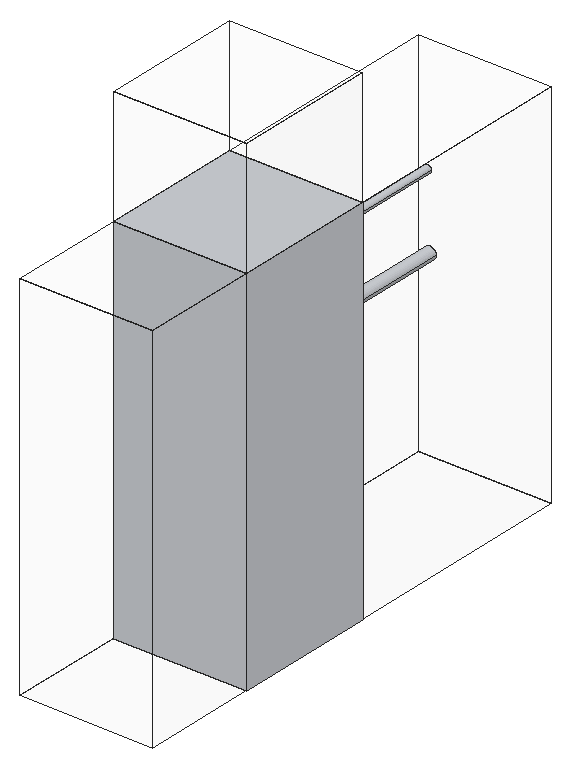
Revit family
Parameters (values of type "PFN2001PM")
  WATER CONN SIZE = 2 1/2"  # constant formula
  Voltage/Heater = "120"
  VENT SIZE = Vent Radius * 2  # 8"
  Total Amps = "6.5"
  Top Clearance Depth = 24"
  SES BIM Studio # = "201264901-23"
  GAS CONN SIZE = Gas Conn Radius * 2  # 1 1/2"
  Front Clearance Depth = 24"
  Drain Radius = 3/8"  # constant formula
  Control Voltage = "24"
  C_WIDTH = 27 1/4"
  Vent Radius = if(A_HEIGHT = 44 1/2", if(with Category II Conversion Kit, 3 1/2", 2"), if(A_HEIGHT = 52", if(with Category II Conversion Kit, 4 1/2", 2 1/2"), if(A_HEIGHT = 59 1/4", if(with Category II Conversion Kit, 5", 3"), if(A_HEIGHT = 67 3/4", if(with Category II Conversion Kit, 6", 4"), if(A_HEIGHT = 65 1/2", if(with Category II Conversion Kit, 4", 3"), if(A_HEIGHT = 70", if(with Category II Conversion Kit, 4 1/2", 3 1/2"), if(with Category II Conversion Kit, 5", 4")))))))  # 4"
  G_Vent Length = 8"
  M_Vent Height = 27 1/2"
  F_Vent Offset From Left = 13 1/2"
  URL = "http://www.lochinvar.com/products/Default.aspx?type=ProductLine&lineid=13"
  L_Water Outlet Offset From Left = 5 3/4"
  OUTPUT RATE (BTUH) = ""
  Model = "PFN2001PM"
  Manufacturer = "Lochinvar"
  MODEL NO. = "PFN2001PM"
  B_LENGTH = 29 3/4"
  Keynote = ""
  P_Pipe Length = 24 1/2"
  K_Water Inlet & Outlet Height = 54 3/4"
  N_Water Inlet Offset From Left = 21 1/2"
  INPUT RATE (BTUH) = "2,000,000"
  A_HEIGHT = 76 3/4"
  D_Gas Conn Height = 70"
  Gas Conn Radius = 3/4"
  E_Gas Conn Offset From Left = 21"
  FUEL TYPE = "NATURAL GAS"
  Description = "Power-Fin Water Heater"
  with Category II Conversion Kit = no
  Back Clearance Length = P_Pipe Length + 24"  # 48 1/2"
  Air Inlet Radius = 4"
  J_Air Inlet Offset from Left = 9 1/2"
  H_Air Inlet Offset From Top = 10"
  AIR INLET SIZE = Air Inlet Radius * 2  # 8"
  # of Connections = "1"
Types (8): name | Voltage/Heater | VENT SIZE | Total Amps | Top Clearance Depth | GAS CONN SIZE | Front Clearance Depth | Control Voltage | C_WIDTH | Vent Radius | G_Vent Length | M_Vent Height | F_Vent Offset From Left | L_Water Outlet Offset From Left | Model | MODEL NO. | B_LENGTH | P_Pipe Length | K_Water Inlet & Outlet Height | N_Water Inlet Offset From Left | INPUT RATE (BTUH) | A_HEIGHT | D_Gas Conn Height | Gas Conn Radius | E_Gas Conn Offset From Left | Back Clearance Length | Air Inlet Radius | J_Air Inlet Offset from Left | H_Air Inlet Offset From Top | AIR INLET SIZE | # of Connections
  (no name) | "120" | 8" | "6.5" | 24" | 1 1/2" | 24" | "24" | 27 1/4" | 4" | 8" | 27 1/2" | 13 1/2" | 5 3/4" | "PFN2001PM" | "PFN2001PM" | 29 3/4" | 24 1/2" | 54 3/4" | 21 1/2" | "2,000,000" | 76 3/4" | 70" | 3/4" | 21" | 48 1/2" | 4" | 9 1/2" | 10" | 8" | "1"
  PFN0502PM | "" | 4" | "" | 0" | 1" | 0" | "" | 23 1/4" | 2" | 6" | 11 1/4" | 6 1/2" | 11 1/2" | "PFN0502PM" | "PFN0502" | 28 1/2" | 15 1/4" | 23" | 17 1/2" | "500,000" | 44 1/2" | 34" | 1/2" | 17 3/4" | 39 1/4" | 2 1/2" | 7 3/4" | 8" | 5" | ""
  PFN0752PM | "120" | 5" | "6.7" | 0" | 1 1/4" | 0" | "24" | 23 1/4" | 2 1/2" | 6" | 11 1/4" | 6 3/4" | 11 1/2" | "PFN0752PM" | "PFN0752PM" | 28 1/2" | 15 1/4" | 30 1/2" | 17 1/2" | "750,000" | 52" | 41 1/2" | 5/8" | 17 3/4" | 39 1/4" | 2 1/2" | 7 3/4" | 8" | 5" | "1"
  PFN1002PM | "120" | 6" | "6.7" | 0" | 1 1/4" | 0" | "24" | 23 1/4" | 3" | 6" | 11 1/4" | 7 1/4" | 11 1/2" | "PFN1002PM" | "PFN1002PM" | 28 1/2" | 15 1/4" | 37 3/4" | 17 1/2" | "999,000" | 59 1/4" | 48 3/4" | 5/8" | 17 3/4" | 39 1/4" | 3" | 7 3/4" | 8" | 6" | "1"
  PFN1302PM | "120" | 8" | "6.7" | 0" | 1 1/4" | 0" | "24" | 23 1/4" | 4" | 6" | 19 1/2" | 8 1/4" | 11 1/2" | "PFN1302PM" | "PFN1302PM" | 28 1/2" | 15 1/4" | 46 1/4" | 17 1/2" | "1,300,000" | 67 3/4" | 57 1/4" | 5/8" | 17 3/4" | 39 1/4" | 3" | 7 3/4" | 8" | 6" | "1"
  PFN1501PM | "120" | 6" | "6.5" | 0" | 1 1/2" | 0" | "24" | 27 1/4" | 3" | 8" | 22 1/4" | 13 1/2" | 5 3/4" | "PFN1501PM" | "PFN1501PM" | 29 3/4" | 24 1/2" | 43 1/2" | 21 1/2" | "1,500,000" | 65 1/2" | 58 3/4" | 3/4" | 21" | 48 1/2" | 3" | 9 1/2" | 10" | 6" | "1"
  PFN1701PM | "120" | 7" | "6.5" | 0" | 1 1/2" | 0" | "24" | 27 1/4" | 3 1/2" | 8" | 25" | 13 1/2" | 5 3/4" | "PFN1701PM" | "PFN1701PM" | 29 3/4" | 24 1/2" | 48" | 21 1/2" | "1,700,000" | 70" | 63 1/4" | 3/4" | 21" | 48 1/2" | 3 1/2" | 9 1/2" | 10" | 7" | "1"
  PFN2001PM | "120" | 8" | "6.5" | 24" | 1 1/2" | 24" | "24" | 27 1/4" | 4" | 8" | 27 1/2" | 13 1/2" | 5 3/4" | "PFN2001PM" | "PFN2001PM" | 29 3/4" | 24 1/2" | 54 3/4" | 21 1/2" | "2,000,000" | 76 3/4" | 70" | 3/4" | 21" | 48 1/2" | 4" | 9 1/2" | 10" | 8" | "1"
Reference planes (in)
  plane 1 "Back": y = -11.25
  plane 2: z = 0
  plane 3 "Left": x = 0
  plane 4 "Right": x = 27.25
  plane 5 "Front": y = -41
  plane 6: y = 13.25
  plane 7 "Vent Length": y = -3.25
Forms (in)
  Extrusion 1, solid
    sketch origin (2, -32, 0) x (1, 0, 0) y (0, 1, 0)
      loop
        line (-2, -9) -> (25.25, -9) -> (25.25, 20.75) -> (-2, 20.75) -> (-2, -9)
    from 0 to 76.75 <- "A_HEIGHT"
  Extrusion 2, solid
    sketch origin (0, -11.25, 0) x (1, 0, 0) y (0, 0, 1)
      loop
        circle (13.5, 27.5) r 4
    from 0 to -8
  Extrusion 3, solid
    sketch origin (0, -11.25, 0) x (1, 0, 0) y (0, 0, 1)
      loop
        circle (5.75, 54.75) r 1.25
    from 0 to -24.5
  Extrusion 4, solid
    sketch origin (7, -11.25, 0) x (1, 0, 0) y (0, 0, 1)
      loop
        circle (14.5, 54.75) r 1.25
    from 0 to -24.5
  Extrusion 5, solid
    sketch origin (7, -11.25, 9) x (1, 0, 0) y (0, 0, 1)
      loop
        circle (14, 61) r 0.75
    from 0 to -24.5
  Extrusion 6, solid
    sketch origin (0, -11.25, 0) x (1, 0, 0) y (0, 0, 1)
      loop
        circle (9.5, 66.75) r 4
    from 0 to -3
  Extrusion 7, solid, material "Clearance"
    sketch origin (27.25, -41, 0) x (-1, 0, 0) y (0, 0, -1)
      loop
        line (27.25, -76.75) -> (27.25, 0) -> (0, 0) -> (0, -76.75) -> (27.25, -76.75)
    from 0 to 24
  Extrusion 8, solid, material "Clearance"
    sketch origin (2, -32, 76.75) x (1, 0, 0) y (0, 1, 0)
      loop
        line (-2, 20.75) -> (-2, -9) -> (25.25, -9) -> (25.25, 20.75) -> (-2, 20.75)
    from 0 to 24
  Extrusion 9, solid, material "Clearance"
    sketch origin (0, -11.25, 0) x (1, 0, 0) y (0, 0, -1)
      loop
        line (27.25, -76.75) -> (27.25, 0) -> (0, 0) -> (0, -76.75) -> (27.25, -76.75)
    from 0 to 48.5 <- "Back Clearance Length"
  Extrusion 10, solid
    sketch origin (5.875, -11.25, -26.375) x (1, 0, 0) y (0, 0, 1)
      loop
        circle (13.5, 27.5) r 0.375
    from 0 to -8
  Extrusion 11, solid
    sketch origin (3.875, -11.25, -26.375) x (1, 0, 0) y (0, 0, 1)
      loop
        circle (13.5, 27.5) r 0.375
    from 0 to -8
Dimensions and locks (in)
  "F_Vent Offset From Left": Extrusion 1 to Extrusion 2 sketch curve
  "M_Vent Height": Extrusion 1 to Extrusion 2 sketch curve
  "L_Water Outlet Offset From Left": Extrusion 1 to Extrusion 3 sketch curve
  "K_Water Inlet & Outlet Height": level to Extrusion 3 sketch curve
  "K_Water Inlet & Outlet Height": level to Extrusion 4 sketch curve
  "N_Water Inlet Offset From Left": Extrusion 1 to Extrusion 4 sketch curve
  "E_Gas Conn Offset From Left": Extrusion 1 to Extrusion 5 sketch curve
  "D_Gas Conn Height": level to Extrusion 5 sketch curve
  "J_Air Inlet Offset from Left": Extrusion 1 to Extrusion 6 sketch curve
  "H_Air Inlet Offset From Top": Extrusion 6 sketch curve to Extrusion 1
  "C_WIDTH": plane 3 "Left" to plane 4 "Right"
  "B_LENGTH": plane 5 "Front" to plane 1 "Back"
  "P_Pipe Length": plane 1 "Back" to plane 6
  "G_Vent Length": plane 1 "Back" to plane 7 "Vent Length"
  "Vent Radius": radius of Extrusion 2 sketch curve
  radius of Extrusion 3 sketch curve = 1 1/4"
  radius of Extrusion 4 sketch curve = 1 1/4"
  "Gas Conn Radius": radius of Extrusion 5 sketch curve
  "Air Inlet Radius": radius of Extrusion 6 sketch curve
  "Drain Radius": radius of Extrusion 10 sketch curve
  "Drain Radius": radius of Extrusion 11 sketch curve
  aligned and locked: Extrusion 1 to plane 3 "Left"
  aligned and locked: Extrusion 1 to plane 1 "Back"
  aligned and locked: Extrusion 1 to plane 4 "Right"
  aligned and locked: Extrusion 1 to plane 5 "Front"
  aligned and locked: Extrusion 5 to plane 6
  aligned and locked: Extrusion 4 to Extrusion 5
  aligned and locked: Extrusion 3 to plane 6
  aligned and locked: Extrusion 2 to plane 7 "Vent Length"
  aligned and locked: Extrusion 7 sketch curve to Extrusion 1  (x4)
  aligned and locked: Extrusion 8 sketch curve to Extrusion 1  (x2)
  aligned and locked: plane 5 "Front" to Extrusion 8 sketch curve
  aligned and locked: Extrusion 8 sketch curve to Extrusion 7
  aligned and locked: Extrusion 9 sketch curve to Extrusion 1  (x4)
Automatic sketch dimensions
  plane 3 "Left" to Extrusion 1 sketch curve = 0"
  plane 1 "Back" to Extrusion 1 sketch curve = 29 3/4"
  plane 3 "Left" to Extrusion 1 sketch curve = 27 1/4"
  Extrusion 1 sketch curve to Extrusion 1 sketch curve = 29 3/4"
  plane 4 "Right" to Extrusion 10 sketch curve = 7 7/8"
  level to Extrusion 10 sketch curve = 1 1/8"
  level to Extrusion 11 sketch curve = 1 1/8"
  plane 4 "Right" to Extrusion 11 sketch curve = 9 7/8"
Connectors (in)
  piping at (21, 13.25, 70), driven by "Gas Conn Radius"
    settings: on Extrusion 5, index 2, connector radius 3/4", flow factor 0, pipe flow 0 GPM, pressure drop 0.00 psi, fitting loss kfactor 0, connector angle 0.00°, fixture units 0, flow configuration 1, flow direction 1, fitting loss method 0, system type 22, connector reference index -1, connector utility 0, adjustable connector no, is connector primary yes, fitting loss table "", connector description "Gas Connection"
  piping at (21.5, 13.25, 54.75)
    settings: on Extrusion 4, index 4, connector radius 1 1/4", flow factor 0, pipe flow 0 GPM, pressure drop 0.00 psi, fitting loss kfactor 0, connector angle 0.00°, fixture units 0, flow configuration 0, flow direction 1, fitting loss method 0, system type 7, connector reference index -1, connector utility 0, adjustable connector no, is connector primary no, fitting loss table "", connector description "Cold Water Inlet"
  piping at (5.75, 13.25, 54.75)
    settings: on Extrusion 3, index 5, connector radius 1 1/4", flow factor 0, pipe flow 0 GPM, pressure drop 0.00 psi, fitting loss kfactor 0, connector angle 0.00°, fixture units 0, flow configuration 0, flow direction 2, fitting loss method 0, system type 7, connector reference index -1, connector utility 0, adjustable connector no, is connector primary no, fitting loss table "", connector description "Hot Water Outlet"
  hvac at (13.5, -3.25, 27.5), driven by "Vent Radius"
    settings: on Extrusion 2, index 6, duct flow 0 CFM, flow factor 0, pres drop 0.00 in-wg, loss coef 0, conn angle 0.00°, conn width 12", conn height 12", conn radius 4", duct sys type 3, conn prof type 0, flow config 0, flow direction 2, loss method 0, conn ref index -1, conn util no, is conn primary yes, conn desc "Exhaust Vent"
  hvac at (9.5, -8.25, 66.75), driven by "Air Inlet Radius"
    settings: on Extrusion 6, index 7, duct flow 0 CFM, flow factor 0, pres drop 0.00 in-wg, loss coef 0, conn angle 0.00°, conn width 12", conn height 12", conn radius 4", duct sys type 1, conn prof type 0, flow config 0, flow direction 1, loss method 0, conn ref index -1, conn util no, is conn primary no, conn desc "Air Inlet Conn"
  piping at (19.375, -3.25, 1.125), driven by "Drain Radius"
    settings: on Extrusion 10, index 8, connector radius 3/8", flow factor 0, pipe flow 0 GPM, pressure drop 0.00 psi, fitting loss kfactor 0, connector angle 0.00°, fixture units 0, flow configuration 0, flow direction 2, fitting loss method 0, system type 22, connector reference index -1, connector utility 0, adjustable connector no, is connector primary no, fitting loss table "", connector description "Drain 1"
  piping at (17.375, -3.25, 1.125), driven by "Drain Radius"
    settings: on Extrusion 11, index 9, connector radius 3/8", flow factor 0, pipe flow 0 GPM, pressure drop 0.00 psi, fitting loss kfactor 0, connector angle 0.00°, fixture units 0, flow configuration 0, flow direction 2, fitting loss method 0, system type 22, connector reference index -1, connector utility 0, adjustable connector no, is connector primary no, fitting loss table "", connector description "Drain 2"
